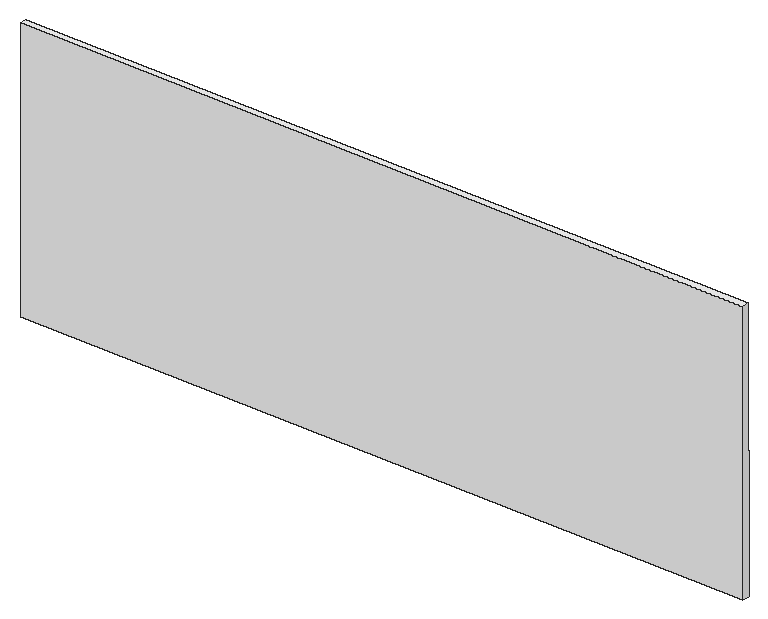
Revit family "Haworth_Compose_Panel_Tile", category Furniture Systems, Revit 2018
Family settings
  Round Connector Dimension = Use Diameter
  Part Type = Normal
  OmniClass Number = 23.40.70.14.64.21
  OmniClass Title = Systems Furniture
  Work Plane-Based = No
  Always vertical = Yes
  Cut with Voids When Loaded = No
  Shared = No
  Room Calculation Point = No
Parameters (values of type "Tackboard 66w 24h")
  Width = 66"
  Warranty = "http://www.haworth.com/resources/product-info/warranties"
  URL - Product = "http://www.haworth.com/products/workspaces/panel-based/compose"
  URL = "www.haworth.com"
  Tackboard = yes
  Sustainability Info = "http://media.haworth.com/asset/2999/Compose%20PEDS.pdf"
  Slat Tile = no
  Panel Finish = Haworth _ Markerboard _ White
  Model = "External Mount Tile"  # constant formula
  Size = "Verify Final Dim. w/ Haworth"  # constant formula
  Revision Number = "5"  # constant formula
  Panel Width = Actual Width  # 66"
  Panel Height = Actual Height  # 24"
  Panel Depth = if(Slat Tile, 3/8", 5/8")  # 5/8"
  Min/Max Width = "24-60 in. @ 6 in. Increments"  # constant formula
  Min/Max Height = if(Markerboard, "16, 24, 32 in.", "16 in.")  # "16 in."
  Min. Width = 24"  # constant formula
  Max. Width = 72"  # constant formula
  Min. Height = 16"  # constant formula
  Max. Height = 32"  # constant formula
  Markerboard Tray Finish = Haworth _ Metal _ Brushed Aluminum
  Markerboard = no
  Manufacturer = "Haworth"  # constant formula
  Height = 24"
  Description = "Haworth - Compose Panel - Accessories External - Mount"  # constant formula
  Custom Size = not(and(or(Height = 16", Height = 24", Height = 32"), or(Width = 24", Width = 30", Width = 36", Width = 42", Width = 48", Width = 54", Width = 60")))  # yes
  Author = "SHAPE Environments, LLC"  # constant formula
  Assembly Code = "E2020500"
  Actual Width = if(Width < Min. Width, Min. Width, if(Width > Max. Width, Max. Width, Width))  # 66"
  Panel Offset [instance] = 42"
  Actual Height = if(Height < Min. Height, Min. Height, if(Height > Max. Height, Max. Height, Height))  # 24"
Reference planes (in)
  plane 1 "Center F/B": y = -0.82517
  plane 2: z = 0
  plane 3 "Center L/R": x = 0.09607
  plane 4 "Left Trim Inside": x = -32.90393
  plane 5 "Right Trim Inside": x = 33.09607
  plane 6 "Top": z = 66
  plane 7 "Panel Offset": z = 42
  plane 8 "Back": y = -0.51267
  plane 9 "Front": y = -1.13767
Forms (in)
  Sweep 1, solid, material "Haworth _ Metal _ Brushed Aluminum" <- "Markerboard Tray Finish", visible <- "Markerboard"
    path origin (0, -0.82517, 0) x (1, 0, 0) y (0, 0, 1)
      loop
        line (-32.90393, 42) -> (33.09607, 42)
    profile origin (0.09607, -0.82517, 42) x (0, 0, 1) y (0, -1, 0)
      loop
        line (0, 0.3125) -> (0.5, 0.3125) -> (0.5, 1.3125) -> (0.4375, 1.3125) -> (0.4375, 0.375) -> (0, 0.375) -> (0, 0.3125)
Lines and regions (in)
  Masking region 1
    outline origin (0, 0, 0) x (1, 0, 0) y (0, 1, 0)
      loop
        line (-32.90393, -0.51267) -> (-32.90393, -1.13767) -> (33.09607, -1.13767) -> (33.09607, -0.51267) -> (-32.90393, -0.51267)
  Masking region 2, visible <- "Markerboard"
    outline origin (0, 0, 0) x (1, 0, 0) y (0, 1, 0)
      loop
        line (-32.90393, -1.13767) -> (-32.90393, -2.13767) -> (33.09607, -2.13767) -> (33.09607, -1.13767) -> (-32.90393, -1.13767)
Dimensions and locks (in)
  equal spacing: plane 4 "Left Trim Inside", plane 3 "Center L/R", plane 5 "Right Trim Inside"
  "Actual Width": plane 4 "Left Trim Inside" to plane 5 "Right Trim Inside"
  "Actual Height": plane 6 "Top" to plane 7 "Panel Offset"
  "Panel Offset": plane 7 "Panel Offset" to plane 2
  equal spacing: plane 8 "Back", plane 1 "Center F/B", plane 9 "Front"
  "Panel Depth": plane 8 "Back" to plane 9 "Front"
  aligned and locked: plane 3 "Center L/R" to nested 1
  aligned: plane 1 "Center F/B" to nested 1
  aligned and locked: nested 1 to plane 7 "Panel Offset"
  aligned and locked: nested 1 to Masking region 1 sketch curve
  aligned and locked: Masking region 1 sketch curve to nested 1  (x3)
  aligned and locked: Sweep 1 sketch curve to plane 7 "Panel Offset"
  aligned and locked: plane 4 "Left Trim Inside" to Sweep 1 sketch curve
  aligned and locked: plane 5 "Right Trim Inside" to Sweep 1 sketch curve
  aligned: Sweep 1 to nested 1
  aligned and locked: plane 8 "Back" to nested 1
  aligned and locked: plane 9 "Front" to nested 1
  aligned and locked: plane 9 "Front" to Sweep 1
  aligned and locked: Masking region 2 sketch curve to Sweep 1
  aligned and locked: Masking region 2 sketch curve to plane 5 "Right Trim Inside"
  aligned and locked: Masking region 2 sketch curve to plane 9 "Front"
  aligned and locked: plane 4 "Left Trim Inside" to Masking region 2 sketch curve
Automatic sketch dimensions
  profile plane to Sweep 1 sketch curve = 0"
  plane 1 "Center F/B" to Sweep 1 sketch curve = 5/16"
  Sweep 1 sketch curve to profile plane = 7/16"
  Sweep 1 sketch curve to Sweep 1 sketch curve = 1/16"  (x2)
  Sweep 1 sketch curve to Sweep 1 sketch curve = 15/16"
Nested families (in)
  nested 1: "Haworth_Compose - Panel_Solid" at (-1.08413, -0.79494, 42), type "Haworth_Enclose - Panel_Solid"
    with Panel Width 66", Panel Height 24", Panel Depth 5/8"
Definition of nested family "Haworth_Compose - Panel_Solid"
  Parameters
    URL = "www.haworth.com"
    Revision Number = "1"  # constant formula
    Revision Date = ""
    Panel Width = 36"
    Panel Height = 108"
    Panel Finish = none
    Panel Depth = 1/2"
    Manufacturer = "Haworth"  # constant formula
    Author = "SHAPE Environments, LLC"  # constant formula
    Assembly Code = ""
  Reference planes (in)
    plane 1 "Center F/B": y = -0.03024
    plane 2: z = 0
    plane 3 "Center L/R": x = 1.1802
    plane 4 "Left": x = -16.8198
    plane 5 "Right": x = 19.1802
    plane 6 "Back": y = 0.21976
    plane 7 "Front": y = -0.28024
    plane 8 "Top": z = 108
  Forms (in)
    Extrusion 1, solid, material <- "Panel Finish"
      sketch origin (0, -0.03024, 0) x (1, 0, 0) y (0, 0, 1)
        loop
          line (-16.8198, 108) -> (-16.8198, 0) -> (19.1802, 0) -> (19.1802, 108) -> (-16.8198, 108)
      from -0.25 to 0.25
  Dimensions and locks (in)
    "Panel Height": plane 8 "Top" to level
    equal spacing: plane 6 "Back", plane 1 "Center F/B", plane 7 "Front"
    "Panel Depth": plane 6 "Back" to plane 7 "Front"
    equal spacing: plane 4 "Left", plane 3 "Center L/R", plane 5 "Right"
    "Panel Width": plane 4 "Left" to plane 5 "Right"
    aligned and locked: plane 4 "Left" to Extrusion 1 sketch curve
    aligned and locked: Extrusion 1 sketch curve to plane 8 "Top"
    aligned and locked: level to Extrusion 1 sketch curve
    aligned and locked: Extrusion 1 sketch curve to plane 5 "Right"
    aligned and locked: plane 6 "Back" to Extrusion 1
    aligned and locked: Extrusion 1 to plane 7 "Front"
Types in the file's own list only (62): name | Width | Tackboard | Slat Tile | Panel Width | Panel Height | Panel Depth | Min/Max Height | Markerboard | Height | Custom Size | Actual Width | Actual Height
  Markerboard 24w 16h | 24" | No | No | 24" | 16" | 5/8" | "16, 24, 32 in." | Yes | 16" | No | 24" | 16"
  Markerboard 30w 16h | 30" | No | No | 30" | 16" | 5/8" | "16, 24, 32 in." | Yes | 16" | No | 30" | 16"
  Markerboard 36w 16h | 36" | No | No | 36" | 16" | 5/8" | "16, 24, 32 in." | Yes | 16" | No | 36" | 16"
  Markerboard 42w 16h | 42" | No | No | 42" | 16" | 5/8" | "16, 24, 32 in." | Yes | 16" | No | 42" | 16"
  Markerboard 48w 16h | 48" | No | No | 48" | 16" | 5/8" | "16, 24, 32 in." | Yes | 16" | No | 48" | 16"
  Markerboard 54w 16h | 54" | No | No | 54" | 16" | 5/8" | "16, 24, 32 in." | Yes | 16" | No | 54" | 16"
  Markerboard 60w 16h | 60" | No | No | 60" | 16" | 5/8" | "16, 24, 32 in." | Yes | 16" | No | 60" | 16"
  Markerboard 66w 16h | 66" | No | No | 66" | 16" | 5/8" | "16, 24, 32 in." | Yes | 16" | Yes | 66" | 16"
  Markerboard 72w 16h | 72" | No | No | 72" | 16" | 5/8" | "16, 24, 32 in." | Yes | 16" | Yes | 72" | 16"
  Tackboard 24w 16h | 24" | Yes | No | 24" | 16" | 5/8" | "16 in." | No | 16" | No | 24" | 16"
  Tackboard 30w 16h | 30" | Yes | No | 30" | 16" | 5/8" | "16 in." | No | 16" | No | 30" | 16"
  Tackboard 36w 16h | 36" | Yes | No | 36" | 16" | 5/8" | "16 in." | No | 16" | No | 36" | 16"
  Tackboard 42w 16h | 42" | Yes | No | 42" | 16" | 5/8" | "16 in." | No | 16" | No | 42" | 16"
  Tackboard 48w 16h | 48" | Yes | No | 48" | 16" | 5/8" | "16 in." | No | 16" | No | 48" | 16"
  Tackboard 54w 16h | 54" | Yes | No | 54" | 16" | 5/8" | "16 in." | No | 16" | No | 54" | 16"
  Tackboard 60w 16h | 60" | Yes | No | 60" | 16" | 5/8" | "16 in." | No | 16" | No | 60" | 16"
  Tackboard 66w 16h | 66" | Yes | No | 66" | 16" | 5/8" | "16 in." | No | 16" | Yes | 66" | 16"
  Tackboard 72w 16h | 72" | Yes | No | 72" | 16" | 5/8" | "16 in." | No | 16" | Yes | 72" | 16"
  Tackboard 24w 24h | 24" | Yes | No | 24" | 24" | 5/8" | "16 in." | No | 24" | No | 24" | 24"
  Tackboard 30w 24h | 30" | Yes | No | 30" | 24" | 5/8" | "16 in." | No | 24" | No | 30" | 24"
  Tackboard 36w 24h | 36" | Yes | No | 36" | 24" | 5/8" | "16 in." | No | 24" | No | 36" | 24"
  Tackboard 42w 24h | 42" | Yes | No | 42" | 24" | 5/8" | "16 in." | No | 24" | No | 42" | 24"
  Tackboard 48w 24h | 48" | Yes | No | 48" | 24" | 5/8" | "16 in." | No | 24" | No | 48" | 24"
  Tackboard 54w 24h | 54" | Yes | No | 54" | 24" | 5/8" | "16 in." | No | 24" | No | 54" | 24"
  Tackboard 60w 24h | 60" | Yes | No | 60" | 24" | 5/8" | "16 in." | No | 24" | No | 60" | 24"
  Tackboard 72w 24h | 72" | Yes | No | 72" | 24" | 5/8" | "16 in." | No | 24" | Yes | 72" | 24"
  Tackboard 24w 32h | 24" | Yes | No | 24" | 32" | 5/8" | "16 in." | No | 32" | No | 24" | 32"
  Tackboard 30w 32h | 30" | Yes | No | 30" | 32" | 5/8" | "16 in." | No | 32" | No | 30" | 32"
  Tackboard 36w 32h | 36" | Yes | No | 36" | 32" | 5/8" | "16 in." | No | 32" | No | 36" | 32"
  Tackboard 42w 32h | 42" | Yes | No | 42" | 32" | 5/8" | "16 in." | No | 32" | No | 42" | 32"
  Tackboard 48w 32h | 48" | Yes | No | 48" | 32" | 5/8" | "16 in." | No | 32" | No | 48" | 32"
  Tackboard 54w 32h | 54" | Yes | No | 54" | 32" | 5/8" | "16 in." | No | 32" | No | 54" | 32"
  Tackboard 60w 32h | 60" | Yes | No | 60" | 32" | 5/8" | "16 in." | No | 32" | No | 60" | 32"
  Tackboard 66w 32h | 66" | Yes | No | 66" | 32" | 5/8" | "16 in." | No | 32" | Yes | 66" | 32"
  Tackboard 72w 32h | 72" | Yes | No | 72" | 32" | 5/8" | "16 in." | No | 32" | Yes | 72" | 32"
  Slat Tile 24w 16h | 24" | No | Yes | 24" | 16" | 3/8" | "16 in." | No | 16" | No | 24" | 16"
  Slat Tile 30w 16h | 30" | No | Yes | 30" | 16" | 3/8" | "16 in." | No | 16" | No | 30" | 16"
  Slat Tile 36w 16h | 36" | No | Yes | 36" | 16" | 3/8" | "16 in." | No | 16" | No | 36" | 16"
  Slat Tile 42w 16h | 42" | No | Yes | 42" | 16" | 3/8" | "16 in." | No | 16" | No | 42" | 16"
  Slat Tile 48w 16h | 48" | No | Yes | 48" | 16" | 3/8" | "16 in." | No | 16" | No | 48" | 16"
  Slat Tile 54w 16h | 54" | No | Yes | 54" | 16" | 3/8" | "16 in." | No | 16" | No | 54" | 16"
  Slat Tile 60w 16h | 60" | No | Yes | 60" | 16" | 3/8" | "16 in." | No | 16" | No | 60" | 16"
  Slat Tile 66w 16h | 66" | No | Yes | 66" | 16" | 3/8" | "16 in." | No | 16" | Yes | 66" | 16"
  Slat Tile 72w 16h | 72" | No | Yes | 72" | 16" | 3/8" | "16 in." | No | 16" | Yes | 72" | 16"
  Slat Tile 24w 24h | 24" | No | Yes | 24" | 24" | 3/8" | "16 in." | No | 24" | No | 24" | 24"
  Slat Tile 30w 24h | 30" | No | Yes | 30" | 24" | 3/8" | "16 in." | No | 24" | No | 30" | 24"
  Slat Tile 36w 24h | 36" | No | Yes | 36" | 24" | 3/8" | "16 in." | No | 24" | No | 36" | 24"
  Slat Tile 42w 24h | 42" | No | Yes | 42" | 24" | 3/8" | "16 in." | No | 24" | No | 42" | 24"
  Slat Tile 48w 24h | 48" | No | Yes | 48" | 24" | 3/8" | "16 in." | No | 24" | No | 48" | 24"
  Slat Tile 54w 24h | 54" | No | Yes | 54" | 24" | 3/8" | "16 in." | No | 24" | No | 54" | 24"
  Slat Tile 60w 24h | 60" | No | Yes | 60" | 24" | 3/8" | "16 in." | No | 24" | No | 60" | 24"
  Slat Tile 66w 24h | 66" | No | Yes | 66" | 24" | 3/8" | "16 in." | No | 24" | Yes | 66" | 24"
  Slat Tile 72w 24h | 72" | No | Yes | 72" | 24" | 3/8" | "16 in." | No | 24" | Yes | 72" | 24"
  Slat Tile 24w 32h | 24" | No | Yes | 24" | 32" | 3/8" | "16 in." | No | 32" | No | 24" | 32"
  Slat Tile 30w 32h | 30" | No | Yes | 30" | 32" | 3/8" | "16 in." | No | 32" | No | 30" | 32"
  Slat Tile 36w 32h | 36" | No | Yes | 36" | 32" | 3/8" | "16 in." | No | 32" | No | 36" | 32"
  Slat Tile 42w 32h | 42" | No | Yes | 42" | 32" | 3/8" | "16 in." | No | 32" | No | 42" | 32"
  Slat Tile 48w 32h | 48" | No | Yes | 48" | 32" | 3/8" | "16 in." | No | 32" | No | 48" | 32"
  Slat Tile 54w 32h | 54" | No | Yes | 54" | 32" | 3/8" | "16 in." | No | 32" | No | 54" | 32"
  Slat Tile 60w 32h | 60" | No | Yes | 60" | 32" | 3/8" | "16 in." | No | 32" | No | 60" | 32"
  Slat Tile 66w 32h | 66" | No | Yes | 66" | 32" | 3/8" | "16 in." | No | 32" | Yes | 66" | 32"
  Slat Tile 72w 32h | 72" | No | Yes | 72" | 32" | 3/8" | "16 in." | No | 32" | Yes | 72" | 32"
